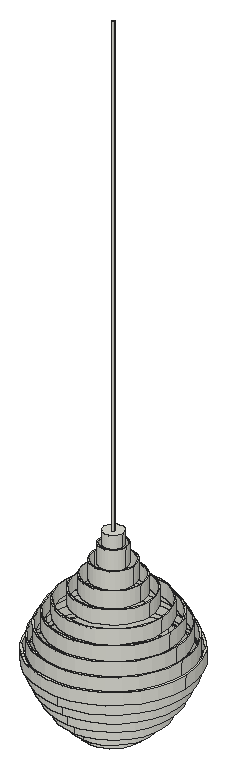
Revit family "Lighting_Pendants_Zero_PXL_Pendant", category Lighting Fixtures, Revit 2020
Family settings
  Round Connector Dimension = Use Diameter
  Part Type = Normal
  OmniClass Number = 23.80.70.00
  OmniClass Title = Lighting
  Work Plane-Based = Yes
  Always vertical = Yes
  Cut with Voids When Loaded = No
  Light Source = Yes
  Shared = No
  Room Calculation Point = No
Parameters (values of type "E27 White")
  Youtube clip = ""
  Weight Net (Kg) = "2.2"
  Wattage = 2.28892 W
  WarrantyStartDate [instance] = "n/a"
  WarrantyGuarantorParts = "n/a"
  WarrantyGuarantorLabor = "n/a"
  WarrantyDurationUnit = "Year"
  WarrantyDurationParts = "n/a"
  WarrantyDurationLabor = "n/a"
  WarrantyDescription = "n/a"
  built-in parameter 1150110 = 1 (stored number, unit not read)
  VersionDate = "31/08/2023"  # constant formula
  Version = "3"  # constant formula
  UsageCurrent = 0 A
  Uniformat II Description = ""
  Uniformat II Code = ""
  Uniclass2015Reference = "Pr_70_70_48_86"
  Uniclass2015Description = "Suspended luminaires"
  Uniclass2 = "Pr_70_70_49_86"
  Uniclass 2015 Name = ""
  Uniclass 2015 Code = ""
  Uniclass 2.0 Description = ""
  Uniclass 2.0 Code = ""
  Uniclass 1.4 Description = ""
  Uniclass 1.4 Code = ""
  URL = "https://www.zerolighting.com/pxlliten-inompe/"
  UNSPSC Code = ""
  TotalWattage = 9 W
  built-in parameter 1114217 = 1 (stored number, unit not read)
  Tilt Angle = 90.00°
  built-in parameter 1150109 = 1 (stored number, unit not read)
  built-in parameter 1150134 = (empty or 0)
  Technical description = ""
  TagNumber [instance] = "n/a"
  SustainabilityPerformance = "n/a"
  built-in parameter 1150113 = 1 (stored number, unit not read)
  Size = "320x320x395 mm"
  Shape = "Sculptured"
  SerialNumber [instance] = "n/a"
  Revision = "5"  # constant formula
  ReplacementCost = "n/a"
  Region South America = "None"
  Region Oceania = "AU, NZ"
  Region North America = "BZ, CR, GT, HN, MX, NI, PA, SV, US"
  Region Middle East = "AE"
  Region Europe = "AD, AL, AT, AX, BA, BE, BG, BY, CH, CY, CZ, DE, DK, EE, ES, FI, FO, FR, GB, GG, GI, GR, HR, HU, IE, IM, IS, IT, JE, LI, LT, LU, LV, MC, MD, ME, MK, MT, NL, NO, PL, PT, RO, RS, RU, SE, SI, SJ, SK, SM, UA, VA"
  Region Asia = "HK, JP, SG"
  Region Antarctica = "None"
  Region Africa = "None"
  ProductInformation = "n/a"
  Product group = "Pendant"
  Product family = "Pxl"
  Product certification = ""
  Product SKU = "Pxl_pendant"
  Product Guid = "bb679aad-cfe1-4974-84b8-07f18c5aa7eb"
  Photometric Web File = "PXL7770.IES"
  PhaseReference = "n/a"
  PhaseAngle = 0.00°
  OmniClass Description = ""
  OmniClass Code = ""
  NumberOfSources = 0
  NumberOfPoles = 1
  NominalVoltageCalc = 0 V
  NominalVoltage = 230 V
  NominalRadius = NominalDiameter / 2  # 160 mm
  NominalLength = NominalDiameter  # 320 mm
  NominalFrequencyRange = 50 Hz
  NominalDiameter = 320 mm
  NominalCurrent = 0 A
  Nominal width = 320 mm
  Nominal height = 395 mm
  Name = "Zero_PXL_Pendant"  # constant formula
  NBSReference = "90-60-50/405"
  NBSDescription = "General purpose luminaires"
  NBS Reference Description = ""
  NBS Reference Code = ""
  ModelReference = "n/a"
  ModelNumber = ArticleNumber  # "7770-1-01"
  Model = "PXL small E27 White"
  Material secondary = ""
  Material main = "Steel"
  Material = "Aluminum, steel"
  Masterformat 2014 Description = ""
  Masterformat 2014 Code = ""
  ManufacturersSpecificInformation = "n/a"
  ManufacturerURL = "https://www.zerolighting.com/"
  ManufacturerName = "Zero"
  Manufacturer name = "ZERO"
  Manufacturer country = "Sweden"
  Manufacturer = "n/a"
  MaintenanceFactor = 0
  Lumens = 340 lm
  built-in parameter 1150115 = 1 (stored number, unit not read)
  built-in parameter 1150105 = 27.056 (stored number, unit not read)
  LightFixtureTertiaryMaterial = White Painted Metal RAL9006
  LightFixtureSecondaryMaterial = White Painted Metal RAL9006
  LightFixtureQuinaryMaterial = White Painted Metal RAL9006
  LightFixtureQuaternaryMaterial = White Painted Metal RAL9006
  LightFixturePlacingType = "Ceiling"
  LightFixtureMountingType = "Suspended"
  LightFixtureMainMaterial = White Painted Metal RAL9006
  built-in parameter 1150137 = (empty or 0)
  built-in parameter 1150139 = (empty or 0)
  built-in parameter 1150112 = 1 (stored number, unit not read)
  built-in parameter 1150114 = 1 (stored number, unit not read)
  InsulationStandardClass = "n/a"
  InstallationDate [instance] = "n/a"
  Installation instructions = ""
  built-in parameter 1150132 = 2
  built-in parameter 1150102 = (empty or 0)
  built-in parameter 1150138 = (empty or 0)
  built-in parameter 1150107 = 3000 (stored number, unit not read)
  built-in parameter 1150106 = 0.27056 (stored number, unit not read)
  IfcExportType = "NOTDEFINED"  # constant formula
  IfcExportAs = "IfcLightFixtureType"  # constant formula
  IP_Code = "IP20"
  IFC Classification = ""
  HasProtectiveEarth = no
  Grade = "n/a"
  GTIN code = ""
  Finish = "Aluminum and steel, multicolour"
  Features = "Terminal block 2x2,5mm2"
  ExpectedLife = "n/a"
  Emit from Circle Diameter = 158 mm
  Emit Shape Visible in Rendering = no
  ElectricalDeviceNominalPower = 0
  built-in parameter 1150104 = 13.8 (stored number, unit not read)
  Edition number = 1
  EANNumber = "n/a"
  DurationUnit = "Year"
  Dimming Lamp Color Temperature Shift = <None>
  Dimming = "None"
  Designer = "Fredrik Mattson"
  Design country = "Sweden"
  DefaultElevation = 0 mm
  Default Elevation [instance] = 1219.2 mm
  Date of publishing = ""
  Constituents = "n/a"
  Color Filter = 16777215
  Color = "White"
  Collection = "PXL"
  CodePerformance = "n/a"
  Category = "Pendant"
  CableLength [instance] = 1000 mm
  COBIe Type Category = ""
  Brand url = "http://www.zero.se"
  Brand = "Zero"
  Barcode [instance] = "n/a"
  built-in parameter 1114218 = 1 (stored number, unit not read)
  BIMObjectName = "Lighting_Pendants_Zero_PXL_Pendant"  # constant formula
  Author = "BIMstone"  # constant formula
  built-in parameter 1150133 = 10 (stored number, unit not read)
  AssetType = "Fixed"
  AssetIdentifier [instance] = "n/a"
  ArticleNumber = "7770-1-01"
  Accessories = "Two piece ceiling rose (98899-1-01)"
  AccessibilityPerformance = "n/a"
Types (2, lengths in mm): name | ModelNumber | Model | Manufacturer | LightFixtureTertiaryMaterial | LightFixtureSecondaryMaterial | LightFixtureQuinaryMaterial | LightFixtureQuaternaryMaterial | Color | ArticleNumber
  E27 Multicolour | "7770-1-90" | "PXL small E27 Multicolour" | "Zero" | Blue Painted Metal RAL5012 | Black Painted Metal RAL9005 | Yellow Painted Metal RAL1018 | Red Painted Metal RAL3028 | "Multicolour" | "7770-1-90"
  E27 White | "7770-1-01" | "PXL small E27 White" | "n/a" | White Painted Metal RAL9006 | White Painted Metal RAL9006 | White Painted Metal RAL9006 | White Painted Metal RAL9006 | "White" | "7770-1-01"
Reference planes
  plane 1 "Light Source Axis (F/B)": y = 0
  plane 2: z = 0
  plane 3 "Light Source Axis (L/R)": x = 0
  plane 4 "Ceiling": z = 0
  plane 5 "Light Source Elevation": z = -1395
  plane 6: x = 160
  plane 7: z = -1000
  plane 8: z = -1395
  plane 9: x = -160
  plane 10: y = 160
  plane 11: y = -160
  plane 12: z = 0
Forms (mm)
  Extrusion 1, solid, material "White Painted Metal RAL9006" <- "LightFixtureSecondaryMaterial", detail levels medium+fine
    sketch origin (0, 0, -1395) x (-1, 0, 0) y (0, -1, 0)
      loop
        circle (0, 0) r 2.5
    from 395 to 1395
  Extrusion 2, solid, material "White Painted Metal RAL9006" <- "LightFixtureMainMaterial", detail levels coarse
    sketch origin (0, 0, -1395) x (-1, 0, 0) y (0, -1, 0)
      loop
        line (160, -160) -> (160, 160) -> (-160, 160) -> (-160, -160) -> (160, -160)
    from 0 to 1395
Lines and regions (mm)
  symbolic lines, detail levels medium+fine
    curve 1: line (2.5, 0, 0) -> (-2.5, 0, 0)
    curve 2: line (2.5, 0, 0) -> (2.5, 0, -1000)
    curve 3: line (-2.5, 0, -1000) -> (-2.5, 0, 0)
    curve 4: line (0, 2.5, 0) -> (0, -2.5, 0)
    curve 5: line (0, 2.5, 0) -> (0, 2.5, -1000)
    curve 6: line (0, -2.5, -1000) -> (0, -2.5, 0)
  symbolic lines, detail levels coarse
    curve 7: line (0, -125, -1395) -> (0, 170, -1395)
Dimensions and locks
  "CableLength": plane 7 to level
  plane 7 to plane 8 = 395 mm
  equal spacing: plane 9, plane 3 "Light Source Axis (L/R)", plane 6
  "NominalLength": plane 9 to plane 6
  equal spacing: plane 10, plane 1 "Light Source Axis (F/B)", plane 11
  plane 10 to plane 11 = 320 mm
  locked: imposter light to plane 7 at 86.782
  aligned and locked: plane 3 "Light Source Axis (L/R)" to imposter light
  aligned and locked: plane 1 "Light Source Axis (F/B)" to imposter light
  aligned and locked: level to Extrusion 1
  aligned and locked: Extrusion 1 to plane 7
  aligned and locked: curve 1 to Extrusion 1  (x2)
  aligned and locked: curve 3 to Extrusion 1
  aligned and locked: curve 4 to Extrusion 1
  aligned and locked: Extrusion 1 to curve 5
  aligned and locked: plane 8 to plane 5 "Light Source Elevation"
  aligned and locked: nested 1 to plane 7
  aligned and locked: plane 10 to Extrusion 2 sketch curve
  aligned and locked: Extrusion 2 sketch curve to plane 9
  aligned and locked: Extrusion 2 sketch curve to plane 11
  aligned and locked: Extrusion 2 sketch curve to plane 6
  aligned and locked: level to Extrusion 2
Automatic sketch dimensions
  plane 1 "Light Source Axis (F/B)" to Extrusion 1 sketch curve = 0 mm
  Extrusion 1 sketch curve to plane 3 "Light Source Axis (L/R)" = 0 mm
  curve 6 to plane 7 = 0 mm
  plane 1 "Light Source Axis (F/B)" to curve 6 = 2.5 mm
  curve 5 to plane 1 "Light Source Axis (F/B)" = 2.5 mm
  curve 2 to plane 7 = 0 mm
  curve 3 to plane 7 = 0 mm
  plane 5 "Light Source Elevation" to curve 7 = 0 mm
  curve 7 to plane 1 "Light Source Axis (F/B)" = 170 mm
  plane 11 to curve 7 = 35 mm
Nested families
  nested 1: "pxl_small" at (0, 0, -1395), Steel <- "LightFixtureMainMaterial", Aluminum (black) <- "LightFixtureSecondaryMaterial", Aluminum (blue) <- "LightFixtureTertiaryMaterial", Aluminum (red) <- "LightFixtureQuaternaryMaterial", Aluminum (white) <- "LightFixtureMainMaterial", Aluminum (yellow) <- "LightFixtureQuinaryMaterial", type "pxl_small"
    with Steel White Painted Metal RAL9006, Aluminum (yellow) White Painted Metal RAL9006, Aluminum (white) White Painted Metal RAL9006, Aluminum (red) White Painted Metal RAL9006, Aluminum (blue) White Painted Metal RAL9006, Aluminum (black) White Painted Metal RAL9006
Connectors
  electrical at (0, 0, 0), driven by "NominalVoltage"
    settings: on Extrusion 1, index 1, voltage 230 V, apparent load 0 VA, apparent load phase1 0 VA, apparent load phase2 0 VA, apparent load phase3 0 VA, power factor 1, load classification "Lighting", number of poles 1, system type 31, power factor state 1, is connector primary yes, connector utility no, sub classification motor no, connector description ""
Definition of nested family "pxl_small"
  Parameters (values of type "pxl_small")
    Steel [instance] = none
    Default Elevation = 0 mm
    Aluminum (yellow) [instance] = none
    Aluminum (white) [instance] = none
    Aluminum (red) [instance] = none
    Aluminum (blue) [instance] = none
    Aluminum (black) [instance] = none
  Reference planes
    plane 1 "Center (Front/Back)": y = 0
    plane 2: z = 0
    plane 3 "Center (Left/Right)": x = 0
    plane 4: x = -160
    plane 5: x = 160
    plane 6: z = 395
  Forms (mm)
    Extrusion 1, solid, material <- "Steel", detail levels medium+fine
      sketch origin (0, 0, 0) x (1, 0, 0) y (0, 1, 0)
        loop
          circle (0, 0) r 20.511
      from 369.217 to 395
    Extrusion 2, solid, material <- "Aluminum (white)", detail levels medium+fine
      sketch origin (0, 0, 0) x (1, 0, 0) y (0, 1, 0)
        loop
          circle (0, 0) r 160
        loop
          circle (0, 0) r 156.549
      from 140 to 165
    Extrusion 3, solid, material <- "Aluminum (blue)", detail levels medium+fine
      sketch origin (0, 0, 0) x (1, 0, 0) y (0, 1, 0)
        loop
          circle (0, 0) r 28.5
        loop
          circle (0, 0) r 26.7
      from 331.156 to 370.385
    Extrusion 4, solid, material <- "Aluminum (black)", detail levels medium+fine
      sketch origin (0, 0, 0) x (1, 0, 0) y (0, 1, 0)
        loop
          circle (0, 0) r 44
        loop
          circle (0, 0) r 42.2
      from 301.805 to 338.127
    Extrusion 5, solid, material <- "Aluminum (yellow)", detail levels medium+fine
      sketch origin (0, 0, 0) x (1, 0, 0) y (0, 1, 0)
        loop
          circle (0, 0) r 79.983
        loop
          circle (0, 0) r 78.183
      from 252.96 to 282.346
    Extrusion 6, solid, material <- "Aluminum (white)", detail levels medium+fine
      sketch origin (0, 0, 0) x (1, 0, 0) y (0, 1, 0)
        loop
          circle (0, 0) r 60.834
        loop
          circle (0, 0) r 59.034
      from 275.281 to 308.783
    Extrusion 7, solid, material <- "Aluminum (red)", detail levels medium+fine
      sketch origin (0, 0, 0) x (1, 0, 0) y (0, 1, 0)
        loop
          circle (0, 0) r 106.835
        loop
          circle (0, 0) r 105.035
      from 229.837 to 259.732
    Extrusion 8, solid, material <- "Aluminum (white)", detail levels medium+fine
      sketch origin (0, 0, 0) x (1, 0, 0) y (0, 1, 0)
        loop
          circle (0, 0) r 124.836
        loop
          circle (0, 0) r 123.036
      from 205.972 to 236.628
    Extrusion 9, solid, material <- "Aluminum (yellow)", detail levels medium+fine
      sketch origin (0, 0, 0) x (1, 0, 0) y (0, 1, 0)
        loop
          circle (0, 0) r 139
        loop
          circle (0, 0) r 137.2
      from 182.844 to 213.262
    Extrusion 10, solid, material <- "Aluminum (black)", detail levels medium+fine
      sketch origin (0, 0, 0) x (1, 0, 0) y (0, 1, 0)
        loop
          circle (0, 0) r 150.836
        loop
          circle (0, 0) r 149.036
      from 157.513 to 189.908
    Extrusion 11, solid, material <- "Aluminum (blue)", detail levels medium+fine
      sketch origin (0, 0, -235.281) x (0, 1, 0) y (-1, 0, 0)
        loop
          circle (0, 0) r 79.983
        loop
          circle (0, 0) r 78.183
      from 252.18 to 284.737
    Extrusion 12, solid, material <- "Aluminum (white)", detail levels medium+fine
      sketch origin (0, 0, -275.281) x (0, 1, 0) y (-1, 0, 0)
        loop
          circle (0, 0) r 60.834
        loop
          circle (0, 0) r 59.034
      from 275.281 to 299.58
    Extrusion 13, solid, material <- "Aluminum (white)", detail levels medium+fine
      sketch origin (0, 0, -187.282) x (0, 1, 0) y (-1, 0, 0)
        loop
          circle (0, 0) r 106.835
        loop
          circle (0, 0) r 105.035
      from 229.282 to 262.425
    Extrusion 14, solid, material <- "Aluminum (red)", detail levels medium+fine
      sketch origin (0, 0, -137.564) x (0, 1, 0) y (-1, 0, 0)
        loop
          circle (0, 0) r 124.836
        loop
          circle (0, 0) r 123.036
      from 205.061 to 237.319
    Extrusion 15, solid, material <- "Aluminum (yellow)", detail levels medium+fine
      sketch origin (0, 0, -90.281) x (0, 1, 0) y (-1, 0, 0)
        loop
          circle (0, 0) r 139
        loop
          circle (0, 0) r 137.2
      from 182.571 to 214.07
    Extrusion 16, solid, material <- "Aluminum (blue)", detail levels medium+fine
      sketch origin (0, 0, -40.281) x (0, 1, 0) y (-1, 0, 0)
        loop
          circle (0, 0) r 150.836
        loop
          circle (0, 0) r 149.036
      from 156.269 to 187.571
  Lines and regions (mm)
    symbolic lines, detail levels medium+fine
      curve 1: line (20.511, 0, 395) -> (-20.511, 0, 395)
      curve 2: line (28.5, 0, 370.385) -> (20.511, 0, 370.385)
      curve 3: line (44, 0, 338.127) -> (28.5, 0, 338.127)
      curve 4: line (60.834, 0, 308.783) -> (44, 0, 308.783)
      curve 5: line (79.983, 0, 282.346) -> (60.834, 0, 282.346)
      curve 6: line (106.835, 0, 259.732) -> (79.983, 0, 259.732)
      curve 7: line (124.836, 0, 236.628) -> (106.835, 0, 236.628)
      curve 8: line (139, 0, 213.262) -> (124.836, 0, 213.262)
      curve 9: line (150.836, 0, 189.908) -> (139, 0, 189.908)
      curve 10: line (160, 0, 165) -> (150.836, 0, 165)
      curve 11: line (-160, 0, 140) -> (-150.836, 0, 140)
      curve 12: line (-150.836, 0, 115.988) -> (-139, 0, 115.988)
      curve 13: line (-139, 0, 92.29) -> (-124.836, 0, 92.29)
      curve 14: line (-124.836, 0, 67.498) -> (-106.835, 0, 67.498)
      curve 15: line (-106.835, 0, 42) -> (-79.983, 0, 42)
      curve 16: line (-79.983, 0, 16.899) -> (-60.834, 0, 16.899)
      curve 17: line (-60.834, 0, 0) -> (60.834, 0, 0)
      curve 18: line (-20.511, 0, 395) -> (-20.511, 0, 370.385)
      curve 19: line (-28.5, 0, 370.385) -> (-28.5, 0, 338.127)
      curve 20: line (-44, 0, 338.127) -> (-44, 0, 308.783)
      curve 21: line (-60.834, 0, 308.783) -> (-60.834, 0, 282.346)
      curve 22: line (-79.983, 0, 282.346) -> (-79.983, 0, 259.732)
      curve 23: line (-106.835, 0, 259.732) -> (-106.835, 0, 236.628)
      curve 24: line (-124.836, 0, 236.628) -> (-124.836, 0, 213.262)
      curve 25: line (-139, 0, 213.262) -> (-139, 0, 189.908)
      curve 26: line (-150.836, 0, 189.908) -> (-150.836, 0, 165)
      curve 27: line (-150.836, 0, 115.988) -> (-150.836, 0, 140)
      curve 28: line (-139, 0, 92.29) -> (-139, 0, 115.988)
      curve 29: line (-124.836, 0, 67.498) -> (-124.836, 0, 92.29)
      curve 30: line (-106.835, 0, 42) -> (-106.835, 0, 67.498)
      curve 31: line (-79.983, 0, 16.899) -> (-79.983, 0, 42)
      curve 32: line (-60.834, 0, 0) -> (-60.834, 0, 16.899)
      curve 33: line (-160, 0, 165) -> (-160, 0, 140)
      curve 34: line (20.511, 0, 395) -> (20.511, 0, 370.385)
      curve 35: line (28.5, 0, 370.385) -> (28.5, 0, 338.127)
      curve 36: line (44, 0, 338.127) -> (44, 0, 308.783)
      curve 37: line (60.834, 0, 308.783) -> (60.834, 0, 282.346)
      curve 38: line (79.983, 0, 282.346) -> (79.983, 0, 259.732)
      curve 39: line (106.835, 0, 259.732) -> (106.835, 0, 236.628)
      curve 40: line (124.836, 0, 236.628) -> (124.836, 0, 213.262)
      curve 41: line (139, 0, 213.262) -> (139, 0, 189.908)
      curve 42: line (150.836, 0, 189.908) -> (150.836, 0, 165)
      curve 43: line (150.836, 0, 115.988) -> (150.836, 0, 140)
      curve 44: line (139, 0, 92.29) -> (139, 0, 115.988)
      curve 45: line (124.836, 0, 67.498) -> (124.836, 0, 92.29)
      curve 46: line (106.835, 0, 42) -> (106.835, 0, 67.498)
      curve 47: line (79.983, 0, 16.899) -> (79.983, 0, 42)
      curve 48: line (60.834, 0, 0) -> (60.834, 0, 16.899)
      curve 49: line (160, 0, 165) -> (160, 0, 140)
      curve 50: line (-20.511, 0, 370.385) -> (-28.5, 0, 370.385)
      curve 52: line (-28.5, 0, 338.127) -> (-44, 0, 338.127)
      curve 54: line (-44, 0, 308.783) -> (-60.834, 0, 308.783)
      curve 56: line (-60.834, 0, 282.346) -> (-79.983, 0, 282.346)
      curve 58: line (-79.983, 0, 259.732) -> (-106.835, 0, 259.732)
      curve 63: line (-106.835, 0, 236.628) -> (-124.836, 0, 236.628)
      curve 64: line (-124.836, 0, 213.262) -> (-139, 0, 213.262)
      curve 65: line (-139, 0, 189.908) -> (-150.836, 0, 189.908)
      curve 66: line (-150.836, 0, 165) -> (-160, 0, 165)
      curve 70: line (124.836, 0, 92.29) -> (139, 0, 92.29)
      curve 71: line (106.835, 0, 67.498) -> (124.836, 0, 67.498)
      curve 74: line (79.983, 0, 42) -> (106.835, 0, 42)
      curve 75: line (60.834, 0, 16.899) -> (79.983, 0, 16.899)
      curve 77: line (0, 20.511, 395) -> (0, -20.511, 395)
      curve 78: line (0, 28.5, 370.385) -> (0, 20.511, 370.385)
      curve 79: line (0, 44, 338.127) -> (0, 28.5, 338.127)
      curve 80: line (0, 60.834, 308.783) -> (0, 44, 308.783)
      curve 81: line (0, 79.983, 282.346) -> (0, 60.834, 282.346)
      curve 82: line (0, 106.835, 259.732) -> (0, 79.983, 259.732)
      curve 83: line (0, 124.836, 236.628) -> (0, 106.835, 236.628)
      curve 84: line (0, 139, 213.262) -> (0, 124.836, 213.262)
      curve 85: line (0, 150.836, 189.908) -> (0, 139, 189.908)
      curve 86: line (0, 160, 165) -> (0, 150.836, 165)
      curve 87: line (0, -160, 140) -> (0, -150.836, 140)
      curve 88: line (0, -150.836, 115.988) -> (0, -139, 115.988)
      curve 89: line (0, -139, 92.29) -> (0, -124.836, 92.29)
      curve 90: line (0, -124.836, 67.498) -> (0, -106.835, 67.498)
      curve 91: line (0, -106.835, 42) -> (0, -79.983, 42)
      curve 92: line (0, -79.983, 16.899) -> (0, -60.834, 16.899)
      curve 93: line (0, -60.834, 0) -> (0, 60.834, 0)
      curve 94: line (0, 20.511, 395) -> (0, 20.511, 370.385)
      curve 95: line (0, 28.5, 370.385) -> (0, 28.5, 338.127)
      curve 96: line (0, 44, 338.127) -> (0, 44, 308.783)
      curve 97: line (0, 60.834, 308.783) -> (0, 60.834, 282.346)
      curve 98: line (0, 79.983, 282.346) -> (0, 79.983, 259.732)
      curve 99: line (0, 106.835, 259.732) -> (0, 106.835, 236.628)
      curve 100: line (0, 124.836, 236.628) -> (0, 124.836, 213.262)
      curve 101: line (0, 139, 213.262) -> (0, 139, 189.908)
      curve 102: line (0, 150.836, 189.908) -> (0, 150.836, 165)
      curve 103: line (0, 160, 165) -> (0, 160, 140)
      curve 104: line (0, 150.836, 140) -> (0, 150.836, 115.988)
      curve 105: line (0, 139, 115.988) -> (0, 139, 92.29)
      curve 106: line (0, 124.836, 92.29) -> (0, 124.836, 67.498)
      curve 107: line (0, 106.835, 67.498) -> (0, 106.835, 42)
      curve 108: line (0, 79.983, 42) -> (0, 79.983, 16.899)
      curve 109: line (0, 60.834, 16.899) -> (0, 60.834, 0)
      curve 110: line (0, -20.511, 395) -> (0, -20.511, 370.385)
      curve 111: line (0, -28.5, 370.385) -> (0, -28.5, 338.127)
      curve 112: line (0, -44, 338.127) -> (0, -44, 308.783)
      curve 113: line (0, -60.834, 308.783) -> (0, -60.834, 282.346)
      curve 114: line (0, -79.983, 282.346) -> (0, -79.983, 259.732)
      curve 115: line (0, -106.835, 259.732) -> (0, -106.835, 236.628)
      curve 116: line (0, -124.836, 236.628) -> (0, -124.836, 213.262)
      curve 117: line (0, -139, 213.262) -> (0, -139, 189.908)
      curve 118: line (0, -150.836, 189.908) -> (0, -150.836, 165)
      curve 119: line (0, -160, 165) -> (0, -160, 140)
      curve 120: line (0, -150.836, 140) -> (0, -150.836, 115.988)
      curve 121: line (0, -139, 115.988) -> (0, -139, 92.29)
      curve 122: line (0, -124.836, 92.29) -> (0, -124.836, 67.498)
      curve 123: line (0, -106.835, 67.498) -> (0, -106.835, 42)
      curve 124: line (0, -79.983, 42) -> (0, -79.983, 16.899)
      curve 125: line (0, -60.834, 16.899) -> (0, -60.834, 0)
      curve 127: line (0, -20.511, 370.385) -> (0, -28.5, 370.385)
      curve 129: line (0, -28.5, 338.127) -> (0, -44, 338.127)
      curve 131: line (0, -44, 308.783) -> (0, -60.834, 308.783)
      curve 133: line (0, -60.834, 282.346) -> (0, -79.983, 282.346)
      curve 135: line (0, -79.983, 259.732) -> (0, -106.835, 259.732)
      curve 137: line (0, -106.835, 236.628) -> (0, -124.836, 236.628)
      curve 139: line (0, -124.836, 213.262) -> (0, -139, 213.262)
      curve 141: line (0, -139, 189.908) -> (0, -150.836, 189.908)
      curve 143: line (0, -150.836, 165) -> (0, -160, 165)
      curve 144: line (0, 150.836, 140) -> (0, 160, 140)
      curve 146: line (0, 139, 115.988) -> (0, 150.836, 115.988)
      curve 148: line (0, 124.836, 92.29) -> (0, 139, 92.29)
      curve 150: line (0, 106.835, 67.498) -> (0, 124.836, 67.498)
      curve 152: line (0, 79.983, 42) -> (0, 106.835, 42)
      curve 154: line (0, 60.834, 16.899) -> (0, 79.983, 16.899)
      curve 156: circle (0, 0, 0) r 160 normal (0, 0, 1)
      curve 166: line (150.836, 0, 140) -> (160, 0, 140)
      curve 168: line (139, 0, 115.988) -> (150.836, 0, 115.988)
    symbolic lines, detail levels fine
      curve 51: line (20.511, 0, 370.385) -> (-20.511, 0, 370.385)
      curve 53: line (28.5, 0, 338.127) -> (-28.5, 0, 338.127)
      curve 55: line (44, 0, 308.783) -> (-44, 0, 308.783)
      curve 57: line (60.834, 0, 282.346) -> (-60.834, 0, 282.346)
      curve 59: line (79.983, 0, 259.732) -> (-79.983, 0, 259.732)
      curve 60: line (106.835, 0, 236.628) -> (-106.835, 0, 236.628)
      curve 61: line (124.836, 0, 213.262) -> (-124.836, 0, 213.262)
      curve 62: line (139, 0, 189.908) -> (-139, 0, 189.908)
      curve 67: line (-150.836, 0, 140) -> (150.836, 0, 140)
      curve 68: line (-139, 0, 115.988) -> (139, 0, 115.988)
      curve 69: line (-124.836, 0, 92.29) -> (124.836, 0, 92.29)
      curve 72: line (-106.835, 0, 67.498) -> (106.835, 0, 67.498)
      curve 73: line (-79.983, 0, 42) -> (79.983, 0, 42)
      curve 76: line (-60.834, 0, 16.899) -> (60.834, 0, 16.899)
      curve 126: line (0, 20.511, 370.385) -> (0, -20.511, 370.385)
      curve 128: line (0, 28.5, 338.127) -> (0, -28.5, 338.127)
      curve 130: line (0, 44, 308.783) -> (0, -44, 308.783)
      curve 132: line (0, 60.834, 282.346) -> (0, -60.834, 282.346)
      curve 134: line (0, 79.983, 259.732) -> (0, -79.983, 259.732)
      curve 136: line (0, 106.835, 236.628) -> (0, -106.835, 236.628)
      curve 138: line (0, 124.836, 213.262) -> (0, -124.836, 213.262)
      curve 140: line (0, 139, 189.908) -> (0, -139, 189.908)
      curve 142: line (0, 150.836, 165) -> (0, -150.836, 165)
      curve 145: line (0, -150.836, 140) -> (0, 150.836, 140)
      curve 147: line (0, -139, 115.988) -> (0, 139, 115.988)
      curve 149: line (0, -124.836, 92.29) -> (0, 124.836, 92.29)
      curve 151: line (0, -106.835, 67.498) -> (0, 106.835, 67.498)
      curve 153: line (0, -79.983, 42) -> (0, 79.983, 42)
      curve 155: line (0, -60.834, 16.899) -> (0, 60.834, 16.899)
      curve 157: circle (0, 0, 0) r 156.549 normal (0, 0, 1)
      curve 158: arc (150.836, 0, 0) -> (0, 150.836, 0) -> (-150.836, 0, 0) r 150.836
      curve 159: arc (-149.036, 0, 0) -> (0, 149.036, 0) -> (149.036, 0, 0) r 149.036
      curve 160: arc (-150.836, 0, 0) -> (0, -150.836, 0) -> (150.836, 0, 0) r 150.836
      curve 161: arc (149.036, 0, 0) -> (0, -149.036, 0) -> (-149.036, 0, 0) r 149.036
      curve 162: arc (-139, 0, 0) -> (0, -139, 0) -> (139, 0, 0) r 139
      curve 163: arc (137.2, 0, 0) -> (0, -137.2, 0) -> (-137.2, 0, 0) r 137.2
      curve 164: arc (-137.2, 0, 0) -> (0, 137.2, 0) -> (137.2, 0, 0) r 137.2
      curve 165: arc (139, 0, 0) -> (0, 139, 0) -> (-139, 0, 0) r 139
      curve 167: line (150.836, 0, 165) -> (-150.836, 0, 165)
      curve 169: arc (124.836, 0, 0) -> (0, 124.836, 0) -> (-124.836, 0, 0) r 124.836
      curve 170: arc (-123.036, 0, 0) -> (0, 123.036, 0) -> (123.036, 0, 0) r 123.036
      curve 171: arc (-124.836, 0, 0) -> (0, -124.836, 0) -> (124.836, 0, 0) r 124.836
      curve 172: arc (123.036, 0, 0) -> (0, -123.036, 0) -> (-123.036, 0, 0) r 123.036
      curve 173: arc (106.835, 0, 0) -> (0, 106.835, 0) -> (-106.835, 0, 0) r 106.835
      curve 174: arc (-105.035, 0, 0) -> (0, 105.035, 0) -> (105.035, 0, 0) r 105.035
      curve 175: arc (-106.835, 0, 0) -> (0, -106.835, 0) -> (106.835, 0, 0) r 106.835
      curve 176: arc (105.035, 0, 0) -> (0, -105.035, 0) -> (-105.035, 0, 0) r 105.035
      curve 177: arc (79.983, 0, 0) -> (0, 79.983, 0) -> (-79.983, 0, 0) r 79.983
      curve 178: arc (-78.183, 0, 0) -> (0, 78.183, 0) -> (78.183, 0, 0) r 78.183
      curve 179: arc (-79.983, 0, 0) -> (0, -79.983, 0) -> (79.983, 0, 0) r 79.983
      curve 180: arc (78.183, 0, 0) -> (0, -78.183, 0) -> (-78.183, 0, 0) r 78.183
      curve 181: arc (60.834, 0, 0) -> (0, 60.834, 0) -> (-60.834, 0, 0) r 60.834
      curve 182: arc (-59.034, 0, 0) -> (0, 59.034, 0) -> (59.034, 0, 0) r 59.034
      curve 183: arc (-60.834, 0, 0) -> (0, -60.834, 0) -> (60.834, 0, 0) r 60.834
      curve 184: arc (59.034, 0, 0) -> (0, -59.034, 0) -> (-59.034, 0, 0) r 59.034
      curve 185: arc (44, 0, 0) -> (0, 44, 0) -> (-44, 0, 0) r 44
      curve 186: arc (44, 0, 0) -> (0, 44, 0) -> (-44, 0, 0) r 44
      curve 187: arc (-42.2, 0, 0) -> (0, 42.2, 0) -> (42.2, 0, 0) r 42.2
      curve 188: arc (-44, 0, 0) -> (0, -44, 0) -> (44, 0, 0) r 44
      curve 189: arc (42.2, 0, 0) -> (0, -42.2, 0) -> (-42.2, 0, 0) r 42.2
      curve 190: arc (-28.5, 0, 0) -> (0, -28.5, 0) -> (28.5, 0, 0) r 28.5
      curve 191: arc (26.7, 0, 0) -> (0, -26.7, 0) -> (-26.7, 0, 0) r 26.7
      curve 192: arc (-26.7, 0, 0) -> (0, 26.7, 0) -> (26.7, 0, 0) r 26.7
      curve 193: arc (28.5, 0, 0) -> (0, 28.5, 0) -> (-28.5, 0, 0) r 28.5
      curve 194: arc (20.511, 0, 0) -> (0, 20.511, 0) -> (-20.511, 0, 0) r 20.511
      curve 195: arc (-20.511, 0, 0) -> (0, -20.511, 0) -> (20.511, 0, 0) r 20.511
  Dimensions and locks
    equal spacing: plane 4, plane 3 "Center (Left/Right)", plane 5
    plane 4 to plane 5 = 320 mm
    plane 6 to level = 395 mm
    aligned and locked: level to plane 2
    aligned and locked: plane 6 to Extrusion 1
    aligned and locked: curve 1 to Extrusion 1
    aligned and locked: curve 2 to Extrusion 3
    aligned and locked: curve 3 to Extrusion 4
    aligned and locked: curve 4 to Extrusion 6
    aligned and locked: curve 5 to Extrusion 5
    aligned and locked: curve 6 to Extrusion 7
    aligned and locked: curve 7 to Extrusion 8
    aligned and locked: curve 8 to Extrusion 9
    aligned and locked: curve 9 to Extrusion 10
    aligned and locked: curve 10 to Extrusion 2
    aligned and locked: curve 11 to Extrusion 2
    aligned and locked: curve 12 to Extrusion 16
    aligned and locked: curve 13 to Extrusion 15
    aligned and locked: curve 14 to Extrusion 14
    aligned and locked: curve 15 to Extrusion 13
    aligned and locked: curve 16 to Extrusion 11
    aligned and locked: curve 17 to Extrusion 12
    aligned and locked: curve 77 to Extrusion 1
    aligned and locked: curve 78 to Extrusion 3
    aligned and locked: curve 79 to Extrusion 4
    aligned and locked: curve 80 to Extrusion 6
    aligned and locked: curve 81 to Extrusion 5
    aligned and locked: curve 82 to Extrusion 7
    aligned and locked: curve 83 to Extrusion 8
    aligned and locked: curve 84 to Extrusion 9
    aligned and locked: curve 85 to Extrusion 10
    aligned and locked: curve 86 to Extrusion 2
    aligned and locked: curve 87 to Extrusion 2
    aligned and locked: curve 88 to Extrusion 16
    aligned and locked: curve 89 to Extrusion 15
    aligned and locked: curve 90 to Extrusion 14
    aligned and locked: curve 91 to Extrusion 13
    aligned and locked: curve 92 to Extrusion 11
    aligned and locked: curve 93 to Extrusion 12
    aligned and locked: curve 158 to Extrusion 10
    aligned and locked: curve 159 to Extrusion 10
    aligned and locked: curve 160 to Extrusion 10
    aligned and locked: curve 161 to Extrusion 10
    aligned and locked: curve 162 to Extrusion 9
    aligned and locked: curve 163 to Extrusion 9
    aligned and locked: curve 164 to Extrusion 9
    aligned and locked: curve 165 to Extrusion 9
    aligned and locked: curve 169 to Extrusion 8
    aligned and locked: curve 170 to Extrusion 8
    aligned and locked: curve 171 to Extrusion 8
    aligned and locked: curve 172 to Extrusion 8
    aligned and locked: curve 173 to Extrusion 7
    aligned and locked: curve 174 to Extrusion 7
    aligned and locked: curve 175 to Extrusion 7
    aligned and locked: curve 176 to Extrusion 7
    aligned and locked: curve 177 to Extrusion 5
    aligned and locked: curve 178 to Extrusion 5
    aligned and locked: curve 179 to Extrusion 5
    aligned and locked: curve 180 to Extrusion 5
    aligned and locked: curve 181 to Extrusion 6
    aligned and locked: curve 182 to Extrusion 6
    aligned and locked: curve 183 to Extrusion 6
    aligned and locked: curve 184 to Extrusion 6
    aligned and locked: curve 185 to Extrusion 4
    aligned and locked: curve 186 to Extrusion 4
    aligned and locked: curve 187 to Extrusion 4
    aligned and locked: curve 188 to Extrusion 4
    aligned and locked: curve 189 to Extrusion 4
    aligned and locked: curve 190 to Extrusion 3
    aligned and locked: curve 191 to Extrusion 3
    aligned and locked: curve 192 to Extrusion 3
    aligned and locked: curve 193 to Extrusion 3
    aligned and locked: curve 194 to Extrusion 1
    aligned and locked: curve 195 to Extrusion 1
  Automatic sketch dimensions
    plane 1 "Center (Front/Back)" to Extrusion 1 sketch curve = 0 mm
    Extrusion 1 sketch curve to plane 3 "Center (Left/Right)" = 0 mm
    Extrusion 2 sketch curve to Extrusion 2 sketch curve = 0 mm  (x2)
    plane 1 "Center (Front/Back)" to Extrusion 2 sketch curve = 0 mm
    Extrusion 2 sketch curve to plane 3 "Center (Left/Right)" = 0 mm
    Extrusion 3 sketch curve to Extrusion 3 sketch curve = 0 mm  (x2)
    plane 1 "Center (Front/Back)" to Extrusion 3 sketch curve = 0 mm
    Extrusion 3 sketch curve to plane 3 "Center (Left/Right)" = 0 mm
    Extrusion 4 sketch curve to Extrusion 4 sketch curve = 0 mm  (x2)
    plane 1 "Center (Front/Back)" to Extrusion 4 sketch curve = 0 mm
    Extrusion 4 sketch curve to plane 3 "Center (Left/Right)" = 0 mm
    Extrusion 5 sketch curve to Extrusion 5 sketch curve = 0 mm  (x2)
    plane 1 "Center (Front/Back)" to Extrusion 5 sketch curve = 0 mm
    Extrusion 5 sketch curve to plane 3 "Center (Left/Right)" = 0 mm
    Extrusion 6 sketch curve to Extrusion 6 sketch curve = 0 mm  (x2)
    plane 1 "Center (Front/Back)" to Extrusion 6 sketch curve = 0 mm
    Extrusion 6 sketch curve to plane 3 "Center (Left/Right)" = 0 mm
    Extrusion 7 sketch curve to Extrusion 7 sketch curve = 0 mm  (x2)
    plane 1 "Center (Front/Back)" to Extrusion 7 sketch curve = 0 mm
    Extrusion 7 sketch curve to plane 3 "Center (Left/Right)" = 0 mm
    Extrusion 8 sketch curve to Extrusion 8 sketch curve = 0 mm  (x2)
    plane 1 "Center (Front/Back)" to Extrusion 8 sketch curve = 0 mm
    Extrusion 8 sketch curve to plane 3 "Center (Left/Right)" = 0 mm
    Extrusion 9 sketch curve to Extrusion 9 sketch curve = 0 mm  (x2)
    plane 1 "Center (Front/Back)" to Extrusion 9 sketch curve = 0 mm
    Extrusion 9 sketch curve to plane 3 "Center (Left/Right)" = 0 mm
    Extrusion 10 sketch curve to Extrusion 10 sketch curve = 0 mm  (x2)
    plane 1 "Center (Front/Back)" to Extrusion 10 sketch curve = 0 mm
    Extrusion 10 sketch curve to plane 3 "Center (Left/Right)" = 0 mm
    Extrusion 11 sketch curve to Extrusion 11 sketch curve = 0 mm  (x2)
    plane 1 "Center (Front/Back)" to Extrusion 11 sketch curve = 0 mm
    plane 4 to Extrusion 11 sketch curve = 160 mm
    Extrusion 12 sketch curve to Extrusion 12 sketch curve = 0 mm  (x2)
    plane 1 "Center (Front/Back)" to Extrusion 12 sketch curve = 0 mm
    plane 4 to Extrusion 12 sketch curve = 160 mm
    Extrusion 13 sketch curve to Extrusion 13 sketch curve = 0 mm  (x2)
    plane 1 "Center (Front/Back)" to Extrusion 13 sketch curve = 0 mm
    plane 4 to Extrusion 13 sketch curve = 160 mm
    Extrusion 14 sketch curve to Extrusion 14 sketch curve = 0 mm  (x2)
    plane 1 "Center (Front/Back)" to Extrusion 14 sketch curve = 0 mm
    plane 4 to Extrusion 14 sketch curve = 160 mm
    Extrusion 15 sketch curve to Extrusion 15 sketch curve = 0 mm  (x2)
    plane 1 "Center (Front/Back)" to Extrusion 15 sketch curve = 0 mm
    plane 4 to Extrusion 15 sketch curve = 160 mm
    Extrusion 16 sketch curve to Extrusion 16 sketch curve = 0 mm  (x2)
    plane 1 "Center (Front/Back)" to Extrusion 16 sketch curve = 0 mm
    plane 4 to Extrusion 16 sketch curve = 160 mm
    curve 125 to level = 0 mm
    curve 77 to plane 6 = 0 mm
    plane 1 "Center (Front/Back)" to curve 87 = 160 mm
    curve 143 to curve 118 = 9.164 mm
    curve 119 to curve 88 = 9.164 mm
    curve 141 to curve 117 = 11.836 mm
    curve 120 to curve 121 = 11.836 mm
    curve 121 to curve 122 = 14.164 mm
    curve 139 to curve 116 = 14.164 mm
    curve 137 to curve 135 = 18.001 mm
    curve 122 to curve 123 = 18.001 mm
    level to curve 92 = 16.899 mm
    curve 123 to curve 92 = 26.852 mm
    curve 135 to curve 133 = 26.852 mm
    curve 124 to curve 125 = 19.149 mm
    curve 133 to curve 113 = 19.149 mm
    curve 131 to curve 129 = 16.834 mm
    plane 1 "Center (Front/Back)" to curve 111 = 28.5 mm
    plane 1 "Center (Front/Back)" to curve 77 = 20.511 mm
    curve 94 to plane 1 "Center (Front/Back)" = 20.511 mm
    curve 94 to curve 78 = 7.989 mm
    curve 95 to curve 96 = 15.5 mm
    curve 96 to curve 80 = 16.834 mm
    curve 93 to plane 1 "Center (Front/Back)" = 60.834 mm
    curve 109 to curve 108 = 19.149 mm
    curve 97 to curve 98 = 19.149 mm
    curve 108 to curve 152 = 26.852 mm
    curve 98 to curve 82 = 26.852 mm
    curve 107 to curve 150 = 18.001 mm
    curve 99 to curve 100 = 18.001 mm
    curve 106 to curve 105 = 14.164 mm
    curve 100 to curve 101 = 14.164 mm
    curve 101 to curve 85 = 11.836 mm
    curve 105 to curve 146 = 11.836 mm
    curve 102 to curve 86 = 9.164 mm
    curve 154 to curve 152 = 25.102 mm
    curve 91 to curve 122 = 25.497 mm
    curve 90 to curve 121 = 24.793 mm
    curve 148 to curve 146 = 23.698 mm
    curve 88 to curve 87 = 24.012 mm
    curve 87 to curve 119 = 25 mm
    curve 118 to curve 118 = 24.908 mm
    curve 101 to curve 101 = 23.354 mm
    curve 100 to curve 100 = 23.365 mm
    curve 99 to curve 99 = 23.105 mm
    curve 98 to curve 98 = 22.614 mm
    curve 97 to curve 80 = 26.437 mm
    curve 96 to curve 96 = 29.344 mm
    curve 95 to plane 6 = 24.615 mm
    curve 11 to plane 4 = 0 mm
    curve 17 to level = 0 mm
    curve 166 to plane 5 = 0 mm
    curve 11 to curve 11 = 9.164 mm
    curve 33 to curve 167 = 9.164 mm
    curve 12 to curve 68 = 11.836 mm
    curve 26 to curve 65 = 11.836 mm
    curve 13 to curve 69 = 14.164 mm
    curve 25 to curve 64 = 14.164 mm
    curve 14 to curve 72 = 18.001 mm
    curve 24 to curve 63 = 18.001 mm
    curve 23 to curve 22 = 26.852 mm
    curve 15 to curve 73 = 26.852 mm
    curve 16 to curve 16 = 19.149 mm
    curve 22 to curve 56 = 19.149 mm
    curve 21 to curve 20 = 16.834 mm
    curve 20 to curve 19 = 15.5 mm
    curve 1 to plane 3 "Center (Left/Right)" = 20.511 mm
    plane 3 "Center (Left/Right)" to curve 51 = 20.511 mm
    curve 2 to curve 2 = 7.989 mm
    curve 3 to curve 3 = 15.5 mm
    plane 3 "Center (Left/Right)" to curve 48 = 60.834 mm
    curve 4 to curve 5 = 16.834 mm
    curve 5 to curve 38 = 19.149 mm
    curve 48 to curve 47 = 19.149 mm
    curve 6 to curve 6 = 26.852 mm
    curve 47 to curve 46 = 26.852 mm
    curve 7 to curve 40 = 18.001 mm
    curve 46 to curve 45 = 18.001 mm
    curve 8 to curve 8 = 14.164 mm
    curve 45 to curve 44 = 14.164 mm
    curve 43 to plane 5 = 9.164 mm
    curve 9 to plane 5 = 9.164 mm
    level to curve 31 = 16.899 mm
    curve 16 to curve 31 = 25.102 mm
    curve 46 to curve 46 = 25.497 mm
    curve 14 to curve 29 = 24.793 mm
    curve 13 to curve 12 = 23.698 mm
    curve 12 to curve 67 = 24.012 mm
    curve 11 to curve 66 = 25 mm
    curve 42 to curve 42 = 24.908 mm
    curve 9 to curve 8 = 23.354 mm
    curve 24 to curve 24 = 23.365 mm
    curve 7 to curve 39 = 23.105 mm
    curve 22 to curve 21 = 22.614 mm
    curve 21 to curve 54 = 26.437 mm
    curve 4 to curve 36 = 29.344 mm
    curve 34 to curve 1 = 24.615 mm
    curve 156 to curve 157 = 0 mm  (x2)
    plane 1 "Center (Front/Back)" to curve 157 = 0 mm
    curve 157 to plane 3 "Center (Left/Right)" = 0 mm
    radius of Extrusion 1 sketch curve = 20.511 mm
    radius of Extrusion 2 sketch curve = 160 mm
    radius of Extrusion 2 sketch curve = 156.549 mm
    radius of Extrusion 3 sketch curve = 28.5 mm
    radius of Extrusion 3 sketch curve = 26.7 mm
    radius of Extrusion 4 sketch curve = 44 mm
    radius of Extrusion 4 sketch curve = 42.2 mm
    radius of Extrusion 5 sketch curve = 79.983 mm
    radius of Extrusion 5 sketch curve = 78.183 mm
    radius of Extrusion 6 sketch curve = 60.834 mm
    radius of Extrusion 6 sketch curve = 59.034 mm
    radius of Extrusion 7 sketch curve = 106.835 mm
    radius of Extrusion 7 sketch curve = 105.035 mm
    radius of Extrusion 8 sketch curve = 124.836 mm
    radius of Extrusion 8 sketch curve = 123.036 mm
    radius of Extrusion 9 sketch curve = 139 mm
    radius of Extrusion 9 sketch curve = 137.2 mm
    radius of Extrusion 10 sketch curve = 150.836 mm
    radius of Extrusion 10 sketch curve = 149.036 mm
    radius of Extrusion 11 sketch curve = 79.983 mm
    radius of Extrusion 11 sketch curve = 78.183 mm
    radius of Extrusion 12 sketch curve = 60.834 mm
    radius of Extrusion 12 sketch curve = 59.034 mm
    radius of Extrusion 13 sketch curve = 106.835 mm
    radius of Extrusion 13 sketch curve = 105.035 mm
    radius of Extrusion 14 sketch curve = 124.836 mm
    radius of Extrusion 14 sketch curve = 123.036 mm
    radius of Extrusion 15 sketch curve = 139 mm
    radius of Extrusion 15 sketch curve = 137.2 mm
    radius of Extrusion 16 sketch curve = 150.836 mm
    radius of Extrusion 16 sketch curve = 149.036 mm
    radius of curve 156 = 160 mm
    radius of curve 157 = 156.549 mm
